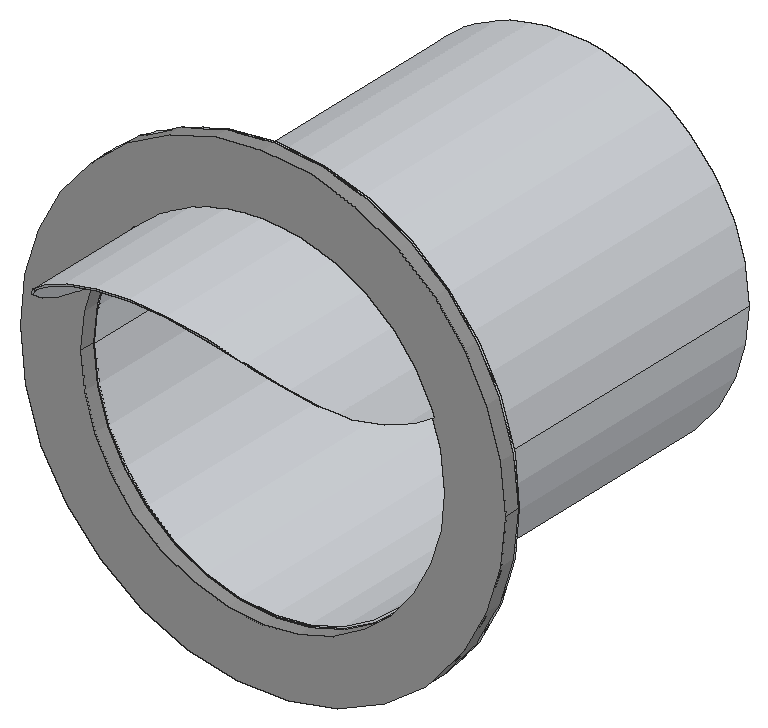
Revit family "ST-2", category Mechanical Equipment, Revit 2015
Parameters
  URL = "https://unitedenertech.com/catalog/pdf/J_7%20Model%20ST-1,%202,%203,%204.pdf"
  Type Comments = "Consult Factory for Max. Sizes"
  OD Radius [instance] = Diameter / 2  # 0' - 3"
  Model = "ST-2"
  Manufacturer = "United Enertech Corporation"
  ID Radius [instance] = OD Radius - 0' 0 1/32"  # 0' - 2 31/32"
  Flange Radius [instance] = OD Radius + 0' 1"  # 0' - 4"
  Description = "Sticktite Take-off with Scoop"
  Diameter = 0' - 6"
  Length = 0' - 6"
Reference planes (in)
  plane 1 "Center (Front/Back)": y = 0
  plane 2: z = 0
  plane 3 "Center (Left/Right)": x = 0
  plane 4: x = -3
  plane 5: x = 3
  plane 6: x = -4
  plane 7: x = 4
  plane 8: x = -2.97
  plane 9: x = 2.97
  plane 10: y = -3
  plane 11: y = 3
  plane 12: y = -2.97
  plane 13: y = -3.25
  plane 14: y = -6
  plane 15: z = 3
  plane 16: z = -3
  plane 17: z = 1
Forms (in)
  Extrusion 1, solid
    sketch origin (0, 0, 0) x (1, 0, 0) y (0, 0, 1)
      loop
        circle (0, 0) r 3
      loop
        circle (0, 0) r 2.96875
    from -3 to 6
  Extrusion 2, solid
    sketch origin (0, 0, 0) x (1, 0, 0) y (0, 0, 1)
      loop
        circle (0, 0) r 4
      loop
        circle (0, 0) r 3
    from 2.97 to 3
  Extrusion 3, solid, material "Rubber, Silicone"
    sketch origin (0, 0, 0) x (1, 0, 0) y (0, 0, 1)
      loop
        circle (0, 0) r 4
      loop
        circle (0, 0) r 3
    from 3 to 3.25
  Extrusion 4, void
    sketch origin (0, 0, 0) x (0, 1, 0) y (0, 0, 1)
      loop
        line (-6, -3) -> (-3, -3) -> (-3, 1)
        arc (-3, 1) -> (-4.75425, 1.61863) -> (-6, 3) r 3.77451
        line (-6, 3) -> (-6, -3)
    from -4 to 4
Cuts and joins
  Extrusion 4 cuts Extrusion 1
  Extrusion 4 cuts Extrusion 2
Dimensions and locks (in)
  equal spacing: plane 4, plane 3 "Center (Left/Right)", plane 5
  "Diameter": plane 4 to plane 5
  plane 6 to plane 4 = 0' - 1"
  plane 5 to plane 7 = 0' - 1"
  locked: plane 4 to plane 8 at 0.03
  locked: plane 9 to plane 5 at 0.03
  equal spacing: plane 11, plane 1 "Center (Front/Back)", plane 10
  "Length": plane 11 to plane 10
  locked: plane 12 to plane 10 at 0.03
  locked: plane 10 to plane 13 at 0.25
  locked: plane 10 to plane 14 at 3
  equal spacing: plane 15, level, plane 16
  "Diameter": plane 15 to plane 16
  locked: plane 15 to plane 17 at 2
  "ID Radius": radius of Extrusion 1 sketch curve
  "OD Radius": radius of Extrusion 1 sketch curve
  "OD Radius": radius of Extrusion 2 sketch curve
  "Flange Radius": radius of Extrusion 2 sketch curve
  "OD Radius": radius of Extrusion 3 sketch curve
  "Flange Radius": radius of Extrusion 3 sketch curve
  aligned and locked: level to plane 2
  aligned and locked: Extrusion 1 to plane 11
  aligned and locked: plane 12 to Extrusion 2
  aligned and locked: Extrusion 2 to plane 10
  aligned and locked: plane 10 to Extrusion 3
  aligned and locked: Extrusion 3 to plane 13
  aligned and locked: Extrusion 1 to plane 14
  aligned and locked: Extrusion 4 sketch curve to plane 10
  aligned and locked: plane 16 to Extrusion 4 sketch curve
  aligned and locked: Extrusion 4 sketch curve to plane 14
  aligned and locked: plane 17 to Extrusion 4 sketch curve
  aligned and locked: plane 15 to Extrusion 4 sketch curve
  aligned and locked: Extrusion 4 to plane 6
  aligned and locked: plane 7 to Extrusion 4
Automatic sketch dimensions
  plane 12 to Extrusion 4 sketch curve = 0' - 0.30947"
  Extrusion 1 sketch curve to Extrusion 1 sketch curve = 0' - 0"  (x2)
  Extrusion 1 sketch curve to level = 0' - 0"
  Extrusion 1 sketch curve to plane 3 "Center (Left/Right)" = 0' - 0"
  Extrusion 2 sketch curve to Extrusion 2 sketch curve = 0' - 0"  (x2)
  Extrusion 2 sketch curve to level = 0' - 0"
  Extrusion 2 sketch curve to plane 3 "Center (Left/Right)" = 0' - 0"
  Extrusion 3 sketch curve to Extrusion 3 sketch curve = 0' - 0"  (x2)
  Extrusion 3 sketch curve to level = 0' - 0"
  Extrusion 3 sketch curve to plane 3 "Center (Left/Right)" = 0' - 0"
